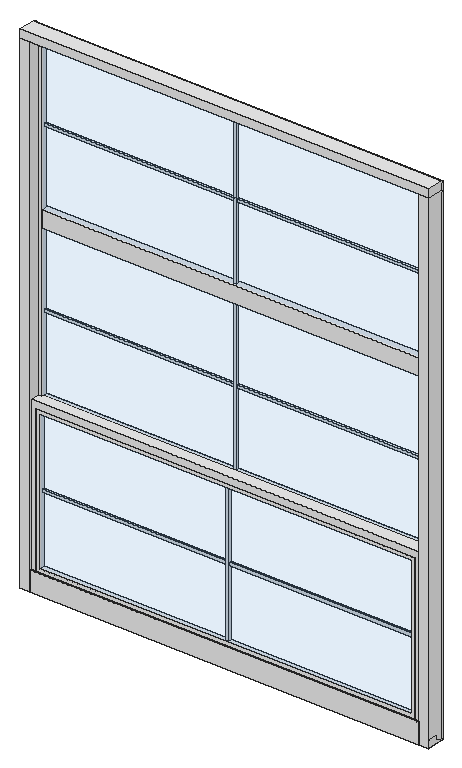
Revit family "Window_Curtain_Wall-Single_Hung-Traco-TR_9703-Heavy_Commercial", category Windows, Revit 2015
Parameters (values of type "TR-9703 - SH/Fixed-Top - w/Class 5 Balances")
  Window Width [instance] = if(CTRL Opening Width - Window Right Inset - Window Left Inset < Width Minimum, Width Minimum, if(CTRL Opening Width - Window Right Inset - Window Left Inset > Width Maximum, Width Maximum, CTRL Opening Width - Window Right Inset - Window Left Inset))  # 6' - 3 3/4"
  Window Top Inset [instance] = 0' - 0"
  Window Right Inset [instance] = 0' - 0"
  Window Muntin Type [instance] = Muntin-Grid-Traco-Lites : Interior
  Window Left Inset [instance] = 0' - 0"
  Window Height [instance] = if(CTRL Opening Height - Window Top Inset - Window Bottom Inset < Height Minimum, Height Minimum, if(CTRL Opening Height - Window Bottom Inset - Window Top Inset > Height Maximum, Height Maximum, CTRL Opening Height - Window Top Inset - Window Bottom Inset))  # 7' - 9"
  Window Bottom Inset [instance] = 0' - 0"
  Width Minimum = 2' - 0"
  Width Maximum = 10' - 0"
  Water Resistance = 15.0000 psf
  Uniform Load Structural = 75.0000 psf
  Uniform Load Deflection = 50.0000 psf
  URL = "http://www.alcoa.com/traco/en/home.asp"
  U Factor = ".50 Per NFRC 100"
  Type Comments = "Single Hung 3-Lite Class 5 Balances"
  Test Size = "60\" X 99\""
  Sill Width = 0' - 4 3/8"  # constant formula
  Show Sill and Head [instance] = yes
  Screen Width [instance] = Window Width - (0' 1 3/4" * 2)  # 6' - 0 1/4"
  Screen Material = Aluminum - Traco - Screen
  Screen Height [instance] = CTRL Sash Bottom Height - (Rail Width / 2) - 0' 0 1/4"  # 2' - 5 3/4"
  Sash Bottom Height [instance] = 1' - 6"
  Rail Width = 0' - 2"  # constant formula
  Product data url = "https://bimobject.com/kawneerna/product/97005"
  Product Page URL = "http://www.alcoa.com/traco/en/product.asp?cat_id=1905&prod_id=4193"
  Product Documentation Link = "http://www.alcoa.com/traco/cad/4193/010_CAD%20Files/010.pdf"
  Model = "TR-9703U"
  Manufacturer = "Traco"  # constant formula
  Keynote = "08500"
  Height Minimum = 2' - 0"
  Height Maximum = 10' - 0"
  Head Width = 0' - 1 1/2"  # constant formula
  Head Extension Right [instance] = 0' - 0"
  Head Extension Left [instance] = 0' - 0"
  Has Window Screen [instance] = no
  Has Unequal Sash [instance] = no
  Has Muntins = no
  Has Flange Frame [instance] = 1 = 0  # no
  Glazing Thickness = 0' - 0 3/4"
  Glazing Material = Glass - Traco - Clear
  Frame Material = Aluminum - Traco - Anodized - Gray
  Forced Entry Resistance = "TYPE A: GRADE 10"
  Designation = "AAMA/WDMA/CSA 101/I.S.2/A-440-05: H-AW40 And AAMA/WDMA/CSA 101/I.S.2/A-440-08: AW-PG40-H"
  Description = "Heavy Commercial, Single Hung, Side Load"  # constant formula
  Depth = 0' - 3 1/4"  # constant formula
  Copyright © = "2011 Traco"  # constant formula
  Condensation Resistance = 0.0000 psf
  CTRL Sash Bottom Height [instance] = if(Has Unequal Sash, Sash Bottom Height, Window Height / 3)  # 2' - 7"
  Interior Offset [instance] = 0' - 0"
  CTRL Opening Width [instance] = 6' - 3 3/4"
  CTRL Opening Height [instance] = 7' - 9"
  CTRL Head Right Extension [instance] = if(Has Flange Frame, 0' 0", Head Extension Right)  # 0' - 0"
  CTRL Head Left Extension [instance] = if(Has Flange Frame, 0' 0", Head Extension Left)  # 0' - 0"
  CTRL Flange Width [instance] = if(Has Flange Frame, 0' 2", 0' 0")  # 0' - 0"
  Exterior Offset [instance] = 0' - 0"
  Assembly Code = "B2020110"
  Allowable Air Infiltration Maximum = "0.3 @ 6.2 PSF"
Reference planes (in)
  plane 1 "Front": y = 0
  plane 2 "Original Ref. Plane": z = 0
  plane 3 "Center (Left/Right)": x = 0
  plane 4 "Left": x = -37.875
  plane 5 "Right": x = 37.875
  plane 6 "Top": z = 93
  plane 7 "Window Interior Offset": y = 0
  plane 8 "Window Center F/B": y = 0
  plane 9 "Exterior/Back": y = 1.625
  plane 10 "Interior/Front": y = -1.625
  plane 11 "Window Left": x = -37.875
  plane 12 "Window Right": x = 37.875
  plane 13 "Window Top": z = 93
  plane 14 "Flange Top": z = 93
  plane 15 "Head Bottom": z = 91.5
  plane 16 "Glass Pocket Bottom": z = 90.875
  plane 17 "Meeting Rail Center T/B": z = 31
  plane 18 "Meeting Rail Top": z = 32
  plane 19 "Meeting Rail Bottom": z = 30
  plane 20 "Top Astragal Center T/B": z = 61.4375
  plane 21 "Bottom Muntin Center T/B": z = 17.1875
  plane 22 "Bottom Sash Glass B": z = 4.375
  plane 23 "Sash Frame Bottom": z = 3.75
  plane 24 "Bottom Glass Interior": y = -1.111
  plane 25 "Bottom Glass Exterior": y = -0.361
  plane 26 "Top Glass Exterior": y = 1.348
  plane 27 "Top Glass Interior": y = 0.598
  plane 28 "Frame Left": x = -36.1148
  plane 29 "Frame Right": x = 36.1148
  plane 30 "Flange Bottom": z = 0
  plane 31 "Flange Right": x = 37.875
  plane 32 "Flange Left": x = -37.875
  plane 33 "Flange Thickness": y = 1.5625
  plane 34 "Sill Slope Bottom": z = 0.24
  plane 35 "Sill Slope Top": z = 0.6811
  plane 36 "Sill Top": z = 1.3611
  plane 37 "Bottom Sash Exterior": y = 0.155
  plane 38 "Frame Right Inset": x = 34.5
  plane 39 "Frame Left Inset": x = -34.5
  plane 40 "Bottom Glass Interior Offset": y = -1.361
  plane 41 "Bottom Glass Exterior Offset": y = -0.111
  plane 42 "Top Glass Exterior Offset": y = 1.598
  plane 43 "Top Glass Interior Offset": y = 0.348
  plane 44 "Bottom Glass T": z = 30.625
  plane 45 "Top Glass B": z = 31.375
  plane 46 "Top Frame Right Inset": x = 35.4898
  plane 47 "Top Frame Left Inset": x = -35.4898
  plane 48 "Bottom Frame Right Inset": x = 35.125
  plane 49 "Bottom Frame Left Inset": x = -35.125
  plane 50 "Top Glass Center F/B": y = 0.973
  plane 51 "Bottom Glass Center F/B": y = -0.736
  plane 52 "Sill/Head Left Extension": x = -37.875
  plane 53 "Sill/Head Right Extension": x = 37.875
  plane 54 "Interior/Front Inset": y = -1.5625
  plane 55 "Window Bottom": z = 0
  plane 56 "Middle Muntin Center T/B": z = 45.96875
  plane 57 "Top Muntin Center T/B": z = 76.90625
  plane 58 "Top Astragal Top": z = 62.9375
  plane 59 "Top Astragal Bottom": z = 59.9375
  plane 60 "Window Center (Left/Right)": x = 0
Forms (in)
  Sweep 1, solid, material "Aluminum - Traco - Anodized - Gray" <- "Frame Material"
    path origin (0, 0, 0.125) x (-1, 0, 0) y (0, 0, 1)
      loop
        line (0, -0.125) -> (0, 91.375)
    profile origin (0, 0, 45.75) x (1, 0, 0) y (0, 1, 0)
      loop
        line (-36.1148, -1.625) -> (-36.1148, 1.5625) -> (-37.875, 1.5625) -> (-37.875, -1.625) -> (-36.1148, -1.625)
      loop
        line (36.1148, -1.625) -> (37.875, -1.625) -> (37.875, 1.5625) -> (36.1148, 1.5625) -> (36.1148, -1.625)
  Sweep 2, solid, material "Aluminum - Traco - Anodized - Gray" <- "Frame Material"
    path origin (0, 0, 0) x (-1, 0, 0) y (0, 0, 1)
      loop
        line (-37.875, 0.24) -> (37.875, 0.24)
    profile origin (0, 0, 0.24) x (0, 0, 1) y (0, 1, 0)
      loop
        line (1.1211, -1.5625) -> (1.1211, 0.155) -> (0.4411, 0.155) -> (0.01875, 1.5625) -> (-0.24, 1.5625) -> (-0.24, -1.5625) -> (1.1211, -1.5625)
  Sweep 3, solid, material "Aluminum - Traco - Anodized - Gray" <- "Frame Material"
    path origin (-1.19115, 0, 71.94551) x (-1, 0, 0) y (0, 0, 1)
      loop
        line (-39.06615, 19.55449) -> (36.68385, 19.55449)
    profile origin (0, 0, 91.5) x (0, 0, 1) y (0, 1, 0)
      loop
        line (0, 1.5625) -> (0, -1.625) -> (1.5, -1.625) -> (1.5, 1.5625) -> (0, 1.5625)
  Sweep 4, solid, material "Aluminum - Traco - Anodized - Gray" <- "Frame Material"
    path origin (3.54143, 0, -0.40863) x (1, 0, 0) y (0, 0, 1)
      loop
        line (-3.54143, 0.64863) -> (-3.54143, 91.90863)
    profile origin (0, 0, 45.87) x (-1, 0, 0) y (0, -1, 0)
      loop
        line (36.1148, -1.5625) -> (36.1148, -1.625) -> (37.875, -1.625) -> (37.875, -1.5625) -> (36.1148, -1.5625)
      loop
        line (-36.1148, -1.5625) -> (-37.875, -1.5625) -> (-37.875, -1.625) -> (-36.1148, -1.625) -> (-36.1148, -1.5625)
  Sweep 5, solid, material "Aluminum - Traco - Anodized - Gray" <- "Frame Material", visible <- "Show Sill and Head"
    path origin (-0.2639, 0, -1.58341) x (-1, 0, 0) y (0, 0, 1)
      loop
        line (-38.1389, 1.58341) -> (37.6111, 1.58341)
    profile origin (0, 0, 0) x (0, 0, 1) y (0, 1, 0)
      loop
        line (0, 1.625) -> (0, 1.5625) -> (0.25875, 1.5625) -> (0.24, 1.625) -> (0, 1.625)
  Sweep 6, solid, material "Aluminum - Traco - Anodized - Gray" <- "Frame Material", visible <- "Show Sill and Head"
    path origin (-1.31088, 0, 70.30922) x (-1, 0, 0) y (0, 0, 1)
      loop
        line (-39.18588, 22.69078) -> (36.56412, 22.69078)
    profile origin (0, 0, 93) x (0, 0, 1) y (0, 1, 0)
      loop
        line (-1.5, 1.625) -> (-1.5, 1.5625) -> (0, 1.5625) -> (0, 1.625) -> (-1.5, 1.625)
  Sweep 7, solid, material "Aluminum - Traco - Anodized - Gray" <- "Frame Material"
    path origin (-0.05903, 0, 2.24309) x (-1, 0, 0) y (0, 0, 1)
      loop
        line (-36.17383, 1.50691) -> (36.05577, 1.50691)
    profile origin (0, 0, 3.75) x (0, 0, 1) y (0, 1, 0)
      loop
        line (-2.3889, 0.155) -> (-2.3889, -1.5625) -> (0, -1.5625) -> (0, 0.155) -> (-2.3889, 0.155)
  Sweep 8, solid, material "Aluminum - Traco - Anodized - Gray" <- "Frame Material", detail levels medium+fine
    path origin (0, -1.361, 0) x (-1, 0, 0) y (0, 0, 1)
      loop
        line (-34.5, 4.375) -> (34.5, 4.375) -> (34.5, 30) -> (-34.5, 30) -> (-34.5, 4.375)
    profile origin (0, -1.361, 4.375) x (0, 0, 1) y (0, 1, 0)
      loop
        line (-0.625, 0) -> (0, 0) -> (0, 1) -> (-0.4375, 1.25) -> (-0.625, 1.25) -> (-0.625, 0)
  Extrusion 9, solid, material "Glass - Traco - Clear" <- "Glazing Material"
    sketch origin (0, 0, 0) x (1, 0, 0) y (0, 0, 1)
      loop
        line (36.1148, 30.625) -> (-36.1148, 30.625) -> (-36.1148, 3.75) -> (36.1148, 3.75) -> (36.1148, 30.625)
    from 0.361 to 1.111
  Sweep 10, solid, material "Aluminum - Traco - Anodized - Gray" <- "Frame Material", detail levels medium+fine
    path origin (0, 1.598, 0) x (-1, 0, 0) y (0, 0, 1)
      loop
        line (-35.4898, 31.375) -> (-35.4898, 90.875) -> (35.4898, 90.875) -> (35.4898, 31.375)
    profile origin (0, 1.598, 90.875) x (0, 0, 1) y (0, 1, 0)
      loop
        line (0, -1.25) -> (0.625, -1.25) -> (0.625, 0) -> (0.4375, 0) -> (0, -0.25) -> (0, -1.25)
  Extrusion 11, solid, material "Glass - Traco - Clear" <- "Glazing Material"
    sketch origin (-3, 0, 39) x (1, 0, 0) y (0, 0, 1)
      loop
        line (39.1148, 52.5) -> (-33.1148, 52.5) -> (-33.1148, -7) -> (39.1148, -7) -> (39.1148, 52.5)
    from -1.348 to -0.598
  Sweep 12, solid, material "Aluminum - Traco - Anodized - Gray" <- "Frame Material"
    path origin (0, 0, 0) x (1, 0, 0) y (0, 0, 1)
      loop
        line (36.1148, 31) -> (-36.1148, 31)
    profile origin (0, 0, 31) x (0, 0, -1) y (0, -1, 0)
      loop
        line (-1, 1.361) -> (-1, -1.348) -> (-0.5625, -1.598) -> (1, -1.598) -> (1, 0.111) -> (0.375, 0.111) -> (0.375, 1.361) -> (-1, 1.361)
  Sweep 13, solid, material "Aluminum - Traco - Anodized - Gray" <- "Frame Material"
    path origin (0.15765, 0, -0.40863) x (1, 0, 0) y (0, 0, 1)
      loop
        line (-0.15765, 1.76973) -> (-0.15765, 31.03363)
    profile origin (0, 0, 15.99305) x (-1, 0, 0) y (0, -1, 0)
      loop
        line (35.125, 1.361) -> (35.125, -0.155) -> (36.1148, -0.155) -> (36.1148, 1.361) -> (35.125, 1.361)
      loop
        line (-35.125, 1.361) -> (-36.1148, 1.361) -> (-36.1148, -0.155) -> (-35.125, -0.155) -> (-35.125, 1.361)
  Sweep 14, solid, material "Aluminum - Traco - Anodized - Gray" <- "Frame Material"
    path origin (0, 0, -0.00501) x (-1, 0, 0) y (0, 0, 1)
      loop
        line (-36.1148, 3.75501) -> (36.1148, 3.75501)
    profile origin (0, 0, 3.75) x (0, 0, 1) y (0, 1, 0)
      loop
        line (0, -1.625) -> (0, -1.5625) -> (-3.75, -1.5625) -> (-3.75, -1.625) -> (0, -1.625)
  Sweep 15, solid, material "Aluminum - Traco - Anodized - Gray" <- "Frame Material"
    path origin (-14.71042, 0, 16.46689) x (1, 0, 0) y (0, 0, 1)
      loop
        line (50.20022, 44.97061) -> (-20.77938, 44.97061)
    profile origin (0, 0, 61.4375) x (0, 0, -1) y (0, -1, 0)
      loop
        line (-1.5, -0.348) -> (-1.5, -1.598) -> (1.5, -1.598) -> (1.5, -0.348) -> (-1.5, -0.348)
Cuts and joins
  joined: Sweep 7, Sweep 12, Sweep 13
  joined: Sweep 2, Sweep 14
Lines and regions (in)
  Masking region 1
    outline origin (0, 0, 0) x (-1, 0, 0) y (0, 0, 1)
      loop
        line (-37.875, 91.5) -> (-37.875, 0.24) -> (-36.1148, 0.24) -> (-36.1148, 91.5) -> (-37.875, 91.5)
      loop
        line (36.1148, 0.24) -> (37.875, 0.24) -> (37.875, 91.5) -> (36.1148, 91.5) -> (36.1148, 0.24)
  Masking region 2, visible <- "Show Sill and Head"
    outline origin (0, 0, 0) x (-1, 0, 0) y (0, 0, 1)
      loop
        line (-37.875, 93) -> (-37.875, 91.5) -> (37.875, 91.5) -> (37.875, 93) -> (-37.875, 93)
      loop
        line (37.875, 0) -> (37.875, 0.24) -> (-37.875, 0.24) -> (-37.875, 0) -> (37.875, 0)
  Masking region 3
    outline origin (0, 0, 0) x (-1, 0, 0) y (0, 0, 1)
      loop
        line (-36.1148, 32) -> (-36.1148, 30) -> (36.1148, 30) -> (36.1148, 32) -> (-36.1148, 32)
  Masking region 4
    outline origin (0, -1.361, 0) x (-1, 0, 0) y (0, 0, 1)
      loop
        line (-35.125, 3.75) -> (-35.125, 30.625) -> (-36.1148, 30.625) -> (-36.1148, 3.75) -> (-35.125, 3.75)
      loop
        line (35.125, 3.75) -> (36.1148, 3.75) -> (36.1148, 30.625) -> (35.125, 30.625) -> (35.125, 3.75)
  Masking region 5, detail levels medium+fine
    outline origin (0, -1.111, 0) x (-1, 0, 0) y (0, 0, 1)
      loop
        line (-35.125, 30.625) -> (-35.125, 3.75) -> (35.125, 3.75) -> (35.125, 30.625) -> (-35.125, 30.625)
      loop
        line (-34.5, 30) -> (-34.5, 4.375) -> (34.5, 4.375) -> (34.5, 30) -> (-34.5, 30)
  Masking region 6
    outline origin (0, -1.625, 0) x (-1, 0, 0) y (0, 0, 1)
      loop
        line (-36.1148, 3.75) -> (-36.1148, 0.24) -> (36.1148, 0.24) -> (36.1148, 3.75) -> (-36.1148, 3.75)
  Masking region 7, detail levels medium+fine
    outline origin (0, 1.348, 0) x (-1, 0, 0) y (0, 0, 1)
      loop
        line (-36.1148, 91.5) -> (-36.1148, 31.375) -> (36.1148, 31.375) -> (36.1148, 91.5) -> (-36.1148, 91.5)
      loop
        line (-35.4898, 90.875) -> (-35.4898, 32) -> (35.4898, 32) -> (35.4898, 90.875) -> (-35.4898, 90.875)
  Masking region 8
    outline origin (0, 0.598, 0) x (-1, 0, 0) y (0, 0, 1)
      loop
        line (36.1148, 31.375) -> (36.1148, 91.5) -> (-36.1148, 91.5) -> (-36.1148, 31.375) -> (36.1148, 31.375)
  Masking region 9
    outline origin (0, -0.361, 0) x (-1, 0, 0) y (0, 0, 1)
      loop
        line (35.125, 3.75) -> (35.125, 30.625) -> (-35.125, 30.625) -> (-35.125, 3.75) -> (35.125, 3.75)
  Masking region 10
    outline origin (0, 0, 0) x (0, 1, 0) y (0, 0, 1)
      loop
        line (1.625, 0) -> (1.625, 93) -> (-1.625, 93) -> (-1.625, 0) -> (1.625, 0)
  Masking region 11
    outline origin (0, 0, 31) x (1, 0, 0) y (0, 1, 0)
      loop
        line (37.875, -1.625) -> (37.875, 1.625) -> (-37.875, 1.625) -> (-37.875, -1.625) -> (37.875, -1.625)
  Split face 1
    outline origin (36.1148, 1.348, 32) x (-1, 0, 0) y (0, -1, 0)
      loop
        line (72.2296, 0.75) -> (0, 0.75)
      loop
        line (72.2296, 1) -> (0, 1)
  Masking region 12
    outline origin (1.7602, 0, 38.7185) x (-1, 0, 0) y (0, 0, 1)
      loop
        line (-33.7296, 24.219) -> (-33.7296, 21.219) -> (37.25, 21.219) -> (37.25, 24.219) -> (-33.7296, 24.219)
  symbolic lines, style "WindowsFrameMullionProjection", detail levels medium+fine
    curve 1: line (34.5, -0.361, 30) -> (34.5, -0.361, 4.375)
    curve 2: line (34.5, -0.361, 4.375) -> (-34.5, -0.361, 4.375)
    curve 3: line (-34.5, -0.361, 4.375) -> (-34.5, -0.361, 30)
  symbolic lines, style "WindowsSillHeadProjection"
    curve 4: line (0, -1.625, 93) -> (0, 1.625, 93)
    curve 5: line (0, -1.625, 91.5) -> (0, -1.625, 93)
    curve 6: line (0, 1.625, 91.5) -> (0, -1.625, 91.5)
    curve 7: line (0, 1.625, 93) -> (0, 1.625, 91.5)
    curve 8: line (0, -1.625, 3.75) -> (0, 0.155, 3.75)
    curve 9: line (0, 0.155, 3.75) -> (0, 0.155, 0.6811)
    curve 10: line (0, 0.155, 0.6811) -> (0, 1.625, 0.24)
    curve 11: line (0, 1.625, 0.24) -> (0, 1.625, 0)
    curve 12: line (0, 1.625, 0) -> (0, -1.625, 0)
    curve 13: line (0, -1.625, 0) -> (0, -1.625, 3.75)
  symbolic lines, style "WindowsGlassProjection", detail levels medium+fine
    curve 14: line (0, 0.598, 91.5) -> (0, 0.598, 62.9375)
    curve 15: line (0, 1.348, 91.5) -> (0, 1.348, 62.9375)
    curve 16: line (0, -1.111, 30.625) -> (0, -1.111, 3.75)
    curve 17: line (0, -0.361, 30.625) -> (0, -0.361, 3.75)
    curve 52: line (36.1148, 1.348, 31) -> (-36.1148, 1.348, 31)
    curve 53: line (-36.1148, 0.598, 31) -> (36.1148, 0.598, 31)
    curve 55: line (35.125, -0.361, 31) -> (-35.125, -0.361, 31)
    curve 56: line (-35.125, -1.111, 31) -> (35.125, -1.111, 31)
    curve 85: line (0, 0.598, 59.9375) -> (0, 0.598, 31.375)
    curve 87: line (0, 1.348, 59.9375) -> (0, 1.348, 31.375)
  symbolic lines, style "WindowsGlassProjection", detail levels coarse
    curve 18: line (0, 0.973, 91.5) -> (0, 0.973, 62.9375)
    curve 19: line (0, -0.736, 30.625) -> (0, -0.736, 3.75)
    curve 54: line (-36.1148, 0.973, 31) -> (36.1148, 0.973, 31)
    curve 57: line (-35.125, -0.736, 31) -> (35.125, -0.736, 31)
    curve 86: line (0, 0.973, 59.9375) -> (0, 0.973, 31.375)
  symbolic lines, style "WindowsFrameMullionProjection", detail levels fine
    curve 20: line (0, -1.361, 30.625) -> (0, -1.361, 30)
    curve 21: line (0, -1.361, 30) -> (0, -1.111, 30)
    curve 22: line (0, -0.361, 30) -> (0, -0.111, 30)
    curve 23: line (0, -0.111, 30) -> (0, -0.111, 30.625)
    curve 24: line (0, 0.348, 31.375) -> (0, 0.348, 32)
    curve 25: line (0, 0.348, 32) -> (0, 0.598, 32)
    curve 26: line (0, 1.348, 32) -> (0, 1.598, 32)
    curve 27: line (0, 1.598, 32) -> (0, 1.598, 31.375)
    curve 28: line (0, 0.348, 91.5) -> (0, 0.348, 90.875)
    curve 29: line (0, 0.348, 90.875) -> (0, 0.598, 90.875)
    curve 30: line (0, 1.348, 90.875) -> (0, 1.598, 90.875)
    curve 31: line (0, 1.598, 90.875) -> (0, 1.598, 91.5)
    curve 32: line (0, -1.361, 3.75) -> (0, -1.361, 4.375)
    curve 33: line (0, -1.361, 4.375) -> (0, -1.111, 4.375)
    curve 34: line (0, -0.361, 4.375) -> (0, -0.111, 4.375)
    curve 35: line (0, -0.111, 4.375) -> (0, -0.111, 3.75)
    curve 58: line (-36.1148, 1.598, 31) -> (-35.4898, 1.598, 31)
    curve 59: line (-35.4898, 1.598, 31) -> (-35.4898, 1.348, 31)
    curve 60: line (-36.1148, 0.348, 31) -> (-35.4898, 0.348, 31)
    curve 61: line (-35.4898, 0.348, 31) -> (-35.4898, 0.598, 31)
    curve 62: line (36.1148, 0.348, 31) -> (35.4898, 0.348, 31)
    curve 63: line (35.4898, 0.348, 31) -> (35.4898, 0.598, 31)
    curve 64: line (36.1148, 1.598, 31) -> (35.4898, 1.598, 31)
    curve 65: line (35.4898, 1.598, 31) -> (35.4898, 1.348, 31)
    curve 70: line (-35.125, -0.111, 31) -> (-34.5, -0.111, 31)
    curve 71: line (-34.5, -0.111, 31) -> (-34.5, -0.361, 31)
    curve 72: line (-35.125, -1.361, 31) -> (-34.5, -1.361, 31)
    curve 73: line (-34.5, -1.361, 31) -> (-34.5, -1.111, 31)
    curve 78: line (35.125, -0.111, 31) -> (34.5, -0.111, 31)
    curve 79: line (34.5, -0.111, 31) -> (34.5, -0.361, 31)
    curve 80: line (35.125, -1.361, 31) -> (34.5, -1.361, 31)
    curve 81: line (34.5, -1.361, 31) -> (34.5, -1.111, 31)
  symbolic lines, style "WindowsFrameMullionProjection"
    curve 36: line (0, -1.361, 32) -> (0, 0.348, 32)
    curve 37: line (0, 0.348, 32) -> (0, 0.348, 31.375)
    curve 38: line (0, 0.348, 31.375) -> (0, 1.598, 31.375)
    curve 39: line (0, 1.598, 31.375) -> (0, 1.598, 30)
    curve 40: line (0, 1.598, 30) -> (0, -0.111, 30)
    curve 41: line (0, -0.111, 30) -> (0, -0.111, 30.625)
    curve 42: line (0, -0.111, 30.625) -> (0, -1.361, 30.625)
    curve 43: line (0, -1.361, 30.625) -> (0, -1.361, 32)
    curve 44: line (-36.1148, -1.625, 31) -> (-37.875, -1.625, 31)
    curve 45: line (-36.1148, 1.625, 31) -> (-36.1148, -1.625, 31)
    curve 46: line (-37.875, 1.625, 31) -> (-36.1148, 1.625, 31)
    curve 47: line (-37.875, -1.625, 31) -> (-37.875, 1.625, 31)
    curve 48: line (37.875, -1.625, 31) -> (36.1148, -1.625, 31)
    curve 49: line (37.875, 1.625, 31) -> (37.875, -1.625, 31)
    curve 50: line (36.1148, 1.625, 31) -> (37.875, 1.625, 31)
    curve 51: line (36.1148, -1.625, 31) -> (36.1148, 1.625, 31)
    curve 66: line (-35.125, -1.361, 31) -> (-36.1148, -1.361, 31)
    curve 67: line (-35.125, 0, 31) -> (-35.125, -1.361, 31)
    curve 68: line (-36.1148, 0, 31) -> (-35.125, 0, 31)
    curve 69: line (-36.1148, -1.361, 31) -> (-36.1148, 0, 31)
    curve 74: line (35.125, -1.361, 31) -> (36.1148, -1.361, 31)
    curve 75: line (35.125, 0, 31) -> (35.125, -1.361, 31)
    curve 76: line (36.1148, 0, 31) -> (35.125, 0, 31)
    curve 77: line (36.1148, -1.361, 31) -> (36.1148, 0, 31)
    curve 88: line (0, 0.348, 62.9375) -> (0, 1.598, 62.9375)
    curve 89: line (0, 0.348, 59.9375) -> (0, 1.598, 59.9375)
    curve 90: line (0, 1.598, 62.9375) -> (0, 1.598, 59.9375)
    curve 91: line (0, 0.348, 62.9375) -> (0, 0.348, 59.9375)
  symbolic lines, style "Windows", detail levels fine
    curve 82: line (0, 0, 12.3125) -> (0, 0, 22.0625)
    curve 83: line (0, 0, 22.0625) -> (1, 0, 20.33045)
    curve 84: line (0, 0, 22.0625) -> (-1, 0, 20.33045)
Text (in)
  text "Exterior" at (-54.29358, 31.38743, 0), in view "Ref. Level"
  text "Exterior" at (480, 41.53993, 89.60405), in view "Right"
  text "Exterior" at (-240, 57.82419, 105.78864), in view "Left"
Dimensions and locks (in)
  equal spacing: plane 4 "Left", plane 3 "Center (Left/Right)", plane 5 "Right"
  "Interior Offset": plane 7 "Window Interior Offset" to plane 1 "Front"
  "Exterior Offset": plane 8 "Window Center F/B" to plane 7 "Window Interior Offset"
  equal spacing: plane 9 "Exterior/Back", plane 8 "Window Center F/B", plane 10 "Interior/Front"
  "Depth": plane 9 "Exterior/Back" to plane 10 "Interior/Front"
  "Head Width": plane 15 "Head Bottom" to plane 13 "Window Top"
  locked: plane 16 "Glass Pocket Bottom" to plane 15 "Head Bottom" at 0.625
  equal spacing: plane 19 "Meeting Rail Bottom", plane 17 "Meeting Rail Center T/B", plane 18 "Meeting Rail Top"
  equal spacing: plane 18 "Meeting Rail Top", plane 20 "Top Astragal Center T/B", plane 16 "Glass Pocket Bottom"
  "Glazing Thickness": plane 24 "Bottom Glass Interior" to plane 25 "Bottom Glass Exterior"
  "Glazing Thickness": plane 27 "Top Glass Interior" to plane 26 "Top Glass Exterior"
  "Rail Width": plane 19 "Meeting Rail Bottom" to plane 18 "Meeting Rail Top"
  locked: plane 29 "Frame Right" to plane 12 "Window Right" at 1.7602
  locked: plane 11 "Window Left" to plane 28 "Frame Left" at 1.7602
  "CTRL Flange Width": plane 12 "Window Right" to plane 31 "Flange Right"
  "CTRL Flange Width": plane 32 "Flange Left" to plane 11 "Window Left"
  "CTRL Flange Width": plane 30 "Flange Bottom" to plane 55 "Window Bottom"
  locked: plane 9 "Exterior/Back" to plane 33 "Flange Thickness" at 0.0625
  locked: plane 55 "Window Bottom" to plane 34 "Sill Slope Bottom" at 0.24
  locked: plane 34 "Sill Slope Bottom" to plane 35 "Sill Slope Top" at 0.4411
  locked: plane 35 "Sill Slope Top" to plane 36 "Sill Top" at 0.68
  "Sill Width": plane 55 "Window Bottom" to plane 22 "Bottom Sash Glass B"
  locked: plane 38 "Frame Right Inset" to plane 12 "Window Right" at 3.375
  locked: plane 11 "Window Left" to plane 39 "Frame Left Inset" at 3.375
  locked: plane 23 "Sash Frame Bottom" to plane 22 "Bottom Sash Glass B" at 0.625
  locked: plane 44 "Bottom Glass T" to plane 19 "Meeting Rail Bottom" at 0.625
  locked: plane 18 "Meeting Rail Top" to plane 45 "Top Glass B" at 0.625
  locked: plane 46 "Top Frame Right Inset" to plane 29 "Frame Right" at 0.625
  locked: plane 28 "Frame Left" to plane 47 "Top Frame Left Inset" at 0.625
  "CTRL Sash Bottom Height": plane 55 "Window Bottom" to plane 17 "Meeting Rail Center T/B"
  equal spacing: plane 22 "Bottom Sash Glass B", plane 21 "Bottom Muntin Center T/B", plane 19 "Meeting Rail Bottom"
  locked: plane 38 "Frame Right Inset" to plane 48 "Bottom Frame Right Inset" at 0.625
  locked: plane 49 "Bottom Frame Left Inset" to plane 39 "Frame Left Inset" at 0.625
  locked: plane 10 "Interior/Front" to plane 51 "Bottom Glass Center F/B" at 0.889
  locked: plane 50 "Top Glass Center F/B" to plane 9 "Exterior/Back" at 0.652
  equal spacing: plane 27 "Top Glass Interior", plane 50 "Top Glass Center F/B", plane 26 "Top Glass Exterior"
  equal spacing: plane 24 "Bottom Glass Interior", plane 51 "Bottom Glass Center F/B", plane 25 "Bottom Glass Exterior"
  plane 40 "Bottom Glass Interior Offset" to plane 51 "Bottom Glass Center F/B" to plane 41 "Bottom Glass Exterior Offset" = 0' - 0 5/8" locked, 0' - 0 5/8" locked
  plane 43 "Top Glass Interior Offset" to plane 50 "Top Glass Center F/B" to plane 42 "Top Glass Exterior Offset" = 0' - 0 5/8" locked, 0' - 0 5/8" locked
  locked: plane 10 "Interior/Front" to plane 37 "Bottom Sash Exterior" at 1.78
  "CTRL Head Right Extension": plane 31 "Flange Right" to plane 53 "Sill/Head Right Extension"
  "CTRL Head Left Extension": plane 52 "Sill/Head Left Extension" to plane 32 "Flange Left"
  locked: plane 10 "Interior/Front" to plane 54 "Interior/Front Inset" at 0.0625
  "Window Right Inset": plane 12 "Window Right" to plane 5 "Right"
  "Window Bottom Inset": plane 2 "Original Ref. Plane" to plane 55 "Window Bottom"
  "CTRL Flange Width": plane 13 "Window Top" to plane 14 "Flange Top"
  "CTRL Opening Height": plane 2 "Original Ref. Plane" to plane 6 "Top"
  "CTRL Opening Width": plane 4 "Left" to plane 5 "Right"
  equal spacing: plane 58 "Top Astragal Top", plane 57 "Top Muntin Center T/B", plane 16 "Glass Pocket Bottom"
  equal spacing: plane 18 "Meeting Rail Top", plane 56 "Middle Muntin Center T/B", plane 59 "Top Astragal Bottom"
  plane 59 "Top Astragal Bottom" to plane 20 "Top Astragal Center T/B" to plane 58 "Top Astragal Top" = 0' - 1 1/2" locked, 0' - 1 1/2" locked
  "Window Height": plane 55 "Window Bottom" to plane 13 "Window Top"
  "Window Width": plane 11 "Window Left" to plane 12 "Window Right"
  equal spacing: plane 11 "Window Left", plane 60 "Window Center (Left/Right)", plane 12 "Window Right"
  curve 82 to plane 21 "Bottom Muntin Center T/B" to curve 82 = 0' - 4 7/8" locked, 0' - 4 7/8" locked
  locked: Sweep 12 sketch curve to plane 45 "Top Glass B" at 0.1875
  aligned and locked: level to plane 2 "Original Ref. Plane"
  aligned and locked: Sweep 1 sketch curve to plane 3 "Center (Left/Right)"
  aligned: plane 15 "Head Bottom" to Sweep 1 sketch curve
  aligned and locked: plane 33 "Flange Thickness" to Sweep 1 sketch curve
  aligned and locked: plane 11 "Window Left" to Sweep 1 sketch curve
  aligned and locked: Sweep 1 sketch curve to plane 28 "Frame Left"
  aligned and locked: Sweep 1 sketch curve to plane 10 "Interior/Front"
  aligned and locked: plane 12 "Window Right" to Sweep 1 sketch curve
  aligned and locked: Sweep 1 sketch curve to plane 29 "Frame Right"
  aligned and locked: plane 10 "Interior/Front" to Sweep 1 sketch curve
  aligned and locked: Sweep 1 sketch curve to plane 33 "Flange Thickness"
  aligned and locked: Sweep 2 sketch curve to plane 34 "Sill Slope Bottom"
  aligned and locked: plane 11 "Window Left" to Sweep 2 sketch curve
  aligned and locked: plane 12 "Window Right" to Sweep 2 sketch curve
  aligned and locked: plane 37 "Bottom Sash Exterior" to Sweep 2 sketch curve
  aligned and locked: plane 36 "Sill Top" to Sweep 2 sketch curve
  aligned and locked: Sweep 2 sketch curve to plane 35 "Sill Slope Top"
  aligned and locked: plane 11 "Window Left" to Sweep 3 sketch curve
  aligned and locked: plane 12 "Window Right" to Sweep 3 sketch curve
  aligned and locked: Sweep 3 sketch curve to plane 15 "Head Bottom"
  aligned and locked: plane 10 "Interior/Front" to Sweep 3 sketch curve
  aligned and locked: plane 15 "Head Bottom" to Sweep 3 sketch curve
  aligned and locked: Sweep 3 sketch curve to plane 33 "Flange Thickness"
  aligned and locked: Sweep 4 sketch curve to plane 3 "Center (Left/Right)"
  aligned and locked: plane 34 "Sill Slope Bottom" to Sweep 4 sketch curve
  aligned and locked: plane 9 "Exterior/Back" to Sweep 4 sketch curve
  aligned and locked: plane 29 "Frame Right" to Sweep 4 sketch curve
  aligned and locked: Sweep 4 sketch curve to plane 33 "Flange Thickness"
  aligned and locked: Sweep 4 sketch curve to plane 9 "Exterior/Back"
  aligned and locked: plane 33 "Flange Thickness" to Sweep 4 sketch curve
  aligned and locked: plane 28 "Frame Left" to Sweep 4 sketch curve
  aligned and locked: plane 15 "Head Bottom" to Sweep 4 sketch curve
  aligned and locked: Sweep 4 sketch curve to plane 32 "Flange Left"
  aligned and locked: Sweep 4 sketch curve to plane 31 "Flange Right"
  aligned and locked: Sweep 2 sketch curve to plane 33 "Flange Thickness"
  aligned and locked: Sweep 5 sketch curve to plane 30 "Flange Bottom"
  aligned and locked: Sweep 5 sketch curve to Sweep 2
  aligned and locked: plane 34 "Sill Slope Bottom" to Sweep 5 sketch curve
  aligned and locked: plane 33 "Flange Thickness" to Sweep 5 sketch curve  (x2)
  aligned and locked: Sweep 5 sketch curve to plane 9 "Exterior/Back"
  aligned and locked: plane 30 "Flange Bottom" to Sweep 5 sketch curve
  aligned and locked: Sweep 6 sketch curve to plane 14 "Flange Top"  (x2)
  aligned and locked: Sweep 6 sketch curve to plane 9 "Exterior/Back"
  aligned and locked: plane 15 "Head Bottom" to Sweep 6 sketch curve
  aligned and locked: plane 33 "Flange Thickness" to Sweep 6 sketch curve
  aligned and locked: Sweep 7 sketch curve to plane 23 "Sash Frame Bottom"  (x2)
  aligned and locked: Sweep 7 sketch curve to plane 37 "Bottom Sash Exterior"
  aligned and locked: plane 36 "Sill Top" to Sweep 7 sketch curve
  aligned and locked: Sweep 8 sketch curve to plane 41 "Bottom Glass Exterior Offset"
  aligned and locked: plane 23 "Sash Frame Bottom" to Sweep 8 sketch curve
  aligned and locked: plane 40 "Bottom Glass Interior Offset" to Sweep 8 sketch curve
  aligned and locked: plane 23 "Sash Frame Bottom" to Extrusion 9 sketch curve
  aligned and locked: Extrusion 9 sketch curve to plane 28 "Frame Left"
  aligned and locked: plane 29 "Frame Right" to Extrusion 9 sketch curve
  aligned and locked: Extrusion 9 to plane 24 "Bottom Glass Interior"
  aligned and locked: plane 25 "Bottom Glass Exterior" to Extrusion 9
  aligned and locked: Sweep 8 sketch curve to plane 22 "Bottom Sash Glass B"
  aligned and locked: Sweep 8 sketch curve to plane 38 "Frame Right Inset"
  aligned and locked: plane 39 "Frame Left Inset" to Sweep 8 sketch curve
  aligned and locked: plane 19 "Meeting Rail Bottom" to Sweep 8 sketch curve
  aligned and locked: Sweep 8 to Extrusion 9
  aligned and locked: Sweep 10 sketch curve to plane 16 "Glass Pocket Bottom"  (x2)
  aligned and locked: plane 15 "Head Bottom" to Sweep 10 sketch curve
  aligned and locked: profile plane to Sweep 10 sketch curve
  aligned and locked: Sweep 10 sketch curve to plane 43 "Top Glass Interior Offset"
  aligned and locked: Extrusion 11 sketch curve to plane 15 "Head Bottom"
  aligned and locked: Extrusion 11 sketch curve to plane 28 "Frame Left"
  aligned and locked: plane 29 "Frame Right" to Extrusion 11 sketch curve
  aligned and locked: plane 26 "Top Glass Exterior" to Extrusion 11
  aligned and locked: Extrusion 11 to plane 27 "Top Glass Interior"
  aligned and locked: plane 28 "Frame Left" to Sweep 12 sketch curve
  aligned and locked: plane 29 "Frame Right" to Sweep 12 sketch curve
  aligned and locked: Sweep 12 sketch curve to plane 17 "Meeting Rail Center T/B"
  aligned and locked: plane 40 "Bottom Glass Interior Offset" to Sweep 12 sketch curve
  aligned and locked: Sweep 12 sketch curve to plane 18 "Meeting Rail Top"
  aligned and locked: Sweep 12 sketch curve to plane 42 "Top Glass Exterior Offset"
  aligned and locked: plane 19 "Meeting Rail Bottom" to Sweep 12 sketch curve
  aligned and locked: plane 41 "Bottom Glass Exterior Offset" to Sweep 12 sketch curve
  aligned and locked: plane 44 "Bottom Glass T" to Sweep 12 sketch curve
  aligned and locked: plane 46 "Top Frame Right Inset" to Sweep 10 sketch curve
  aligned and locked: Sweep 10 sketch curve to plane 47 "Top Frame Left Inset"
  aligned and locked: plane 36 "Sill Top" to Sweep 13 sketch curve
  aligned and locked: Sweep 13 sketch curve to plane 3 "Center (Left/Right)"
  aligned and locked: plane 40 "Bottom Glass Interior Offset" to Sweep 13 sketch curve
  aligned and locked: Sweep 13 sketch curve to Sweep 8  (x2)
  aligned and locked: Sweep 13 sketch curve to plane 28 "Frame Left"
  aligned and locked: Sweep 13 sketch curve to plane 40 "Bottom Glass Interior Offset"
  aligned and locked: Sweep 13 sketch curve to plane 29 "Frame Right"
  aligned and locked: plane 44 "Bottom Glass T" to Sweep 13 sketch curve
  aligned and locked: plane 15 "Head Bottom" to Masking region 1 sketch curve
  aligned and locked: plane 32 "Flange Left" to Masking region 1 sketch curve
  aligned and locked: Masking region 1 sketch curve to plane 28 "Frame Left"
  aligned and locked: Masking region 1 sketch curve to plane 34 "Sill Slope Bottom"
  aligned and locked: plane 34 "Sill Slope Bottom" to Masking region 1 sketch curve
  aligned and locked: Masking region 1 sketch curve to plane 29 "Frame Right"
  aligned and locked: plane 31 "Flange Right" to Masking region 1 sketch curve
  aligned and locked: Masking region 1 sketch curve to plane 15 "Head Bottom"
  aligned and locked: Masking region 2 sketch curve to plane 14 "Flange Top"
  aligned and locked: plane 15 "Head Bottom" to Masking region 2 sketch curve
  aligned and locked: Masking region 2 sketch curve to plane 34 "Sill Slope Bottom"
  aligned and locked: plane 30 "Flange Bottom" to Masking region 2 sketch curve
  aligned and locked: Masking region 3 sketch curve to plane 18 "Meeting Rail Top"
  aligned and locked: Masking region 3 sketch curve to plane 28 "Frame Left"
  aligned and locked: plane 29 "Frame Right" to Masking region 3 sketch curve
  aligned and locked: plane 19 "Meeting Rail Bottom" to Masking region 3 sketch curve
  aligned and locked: Masking region 4 sketch curve to plane 44 "Bottom Glass T"
  aligned and locked: plane 29 "Frame Right" to Masking region 4 sketch curve
  aligned and locked: Masking region 4 sketch curve to plane 48 "Bottom Frame Right Inset"
  aligned and locked: plane 44 "Bottom Glass T" to Masking region 4 sketch curve
  aligned and locked: Masking region 4 sketch curve to plane 49 "Bottom Frame Left Inset"
  aligned and locked: plane 28 "Frame Left" to Masking region 4 sketch curve
  aligned and locked: plane 23 "Sash Frame Bottom" to Masking region 5 sketch curve
  aligned and locked: Masking region 5 sketch curve to plane 49 "Bottom Frame Left Inset"
  aligned and locked: plane 48 "Bottom Frame Right Inset" to Masking region 5 sketch curve
  aligned and locked: Masking region 5 sketch curve to plane 44 "Bottom Glass T"
  aligned and locked: plane 22 "Bottom Sash Glass B" to Masking region 5 sketch curve
  aligned and locked: Masking region 5 sketch curve to plane 39 "Frame Left Inset"
  aligned and locked: plane 38 "Frame Right Inset" to Masking region 5 sketch curve
  aligned and locked: Masking region 5 sketch curve to plane 19 "Meeting Rail Bottom"
  aligned and locked: plane 29 "Frame Right" to Sweep 7 sketch curve
  aligned and locked: plane 28 "Frame Left" to Sweep 7 sketch curve
  aligned and locked: plane 34 "Sill Slope Bottom" to Masking region 6 sketch curve
  aligned and locked: Masking region 6 sketch curve to plane 23 "Sash Frame Bottom"
  aligned and locked: plane 29 "Frame Right" to Masking region 6 sketch curve
  aligned and locked: Masking region 7 sketch curve to plane 15 "Head Bottom"
  aligned and locked: plane 29 "Frame Right" to Masking region 7 sketch curve
  aligned and locked: plane 46 "Top Frame Right Inset" to Masking region 7 sketch curve
  aligned and locked: Masking region 7 sketch curve to plane 16 "Glass Pocket Bottom"
  aligned and locked: Masking region 7 sketch curve to plane 28 "Frame Left"
  aligned and locked: Masking region 7 sketch curve to plane 47 "Top Frame Left Inset"
  aligned and locked: plane 45 "Top Glass B" to Masking region 7 sketch curve
  aligned and locked: plane 18 "Meeting Rail Top" to Masking region 7 sketch curve
  aligned and locked: Masking region 6 sketch curve to plane 28 "Frame Left"
  aligned and locked: plane 23 "Sash Frame Bottom" to Masking region 4 sketch curve
  aligned and locked: Masking region 4 sketch curve to plane 23 "Sash Frame Bottom"
  aligned and locked: Masking region 8 sketch curve to plane 15 "Head Bottom"
  aligned and locked: plane 29 "Frame Right" to Masking region 8 sketch curve
  aligned and locked: plane 45 "Top Glass B" to Masking region 8 sketch curve
  aligned and locked: Masking region 8 sketch curve to plane 28 "Frame Left"
  aligned and locked: Masking region 9 sketch curve to plane 44 "Bottom Glass T"
  aligned and locked: plane 48 "Bottom Frame Right Inset" to Masking region 9 sketch curve
  aligned and locked: Masking region 9 sketch curve to plane 49 "Bottom Frame Left Inset"
  aligned and locked: plane 23 "Sash Frame Bottom" to Masking region 9 sketch curve
  aligned and locked: plane 19 "Meeting Rail Bottom" to curve 1
  aligned and locked: plane 19 "Meeting Rail Bottom" to curve 3
  aligned and locked: curve 2 to plane 22 "Bottom Sash Glass B"
  aligned and locked: plane 39 "Frame Left Inset" to curve 3
  aligned and locked: curve 1 to plane 38 "Frame Right Inset"
  aligned and locked: Masking region 10 sketch curve to plane 13 "Window Top"
  aligned and locked: Masking region 10 sketch curve to plane 9 "Exterior/Back"
  aligned and locked: plane 10 "Interior/Front" to Masking region 10 sketch curve
  aligned and locked: curve 11 to plane 9 "Exterior/Back"
  aligned and locked: plane 34 "Sill Slope Bottom" to curve 11
  aligned and locked: plane 35 "Sill Slope Top" to curve 10
  aligned and locked: curve 9 to plane 37 "Bottom Sash Exterior"
  aligned and locked: plane 10 "Interior/Front" to curve 13
  aligned and locked: curve 8 to plane 23 "Sash Frame Bottom"
  aligned and locked: curve 7 to plane 9 "Exterior/Back"
  aligned and locked: plane 10 "Interior/Front" to curve 5
  aligned and locked: plane 14 "Flange Top" to curve 7
  aligned and locked: curve 16 to plane 24 "Bottom Glass Interior"
  aligned and locked: curve 17 to plane 25 "Bottom Glass Exterior"
  aligned and locked: plane 44 "Bottom Glass T" to curve 17
  aligned and locked: plane 45 "Top Glass B" to curve 85
  aligned and locked: plane 15 "Head Bottom" to curve 15
  aligned and locked: curve 18 to plane 50 "Top Glass Center F/B"
  aligned and locked: curve 19 to plane 51 "Bottom Glass Center F/B"
  aligned and locked: plane 44 "Bottom Glass T" to curve 23
  aligned and locked: plane 24 "Bottom Glass Interior" to curve 21
  aligned and locked: curve 21 to plane 19 "Meeting Rail Bottom"
  aligned and locked: curve 22 to plane 19 "Meeting Rail Bottom"
  aligned and locked: curve 27 to plane 42 "Top Glass Exterior Offset"
  aligned and locked: plane 27 "Top Glass Interior" to curve 25
  aligned and locked: plane 26 "Top Glass Exterior" to curve 26
  aligned and locked: curve 26 to plane 18 "Meeting Rail Top"
  aligned and locked: plane 43 "Top Glass Interior Offset" to curve 24
  aligned and locked: curve 25 to plane 18 "Meeting Rail Top"
  aligned and locked: plane 15 "Head Bottom" to curve 31
  aligned and locked: plane 42 "Top Glass Exterior Offset" to curve 31
  aligned and locked: plane 26 "Top Glass Exterior" to curve 30
  aligned and locked: curve 30 to plane 16 "Glass Pocket Bottom"
  aligned and locked: plane 27 "Top Glass Interior" to curve 29
  aligned and locked: curve 28 to plane 43 "Top Glass Interior Offset"
  aligned and locked: curve 29 to plane 16 "Glass Pocket Bottom"
  aligned and locked: plane 23 "Sash Frame Bottom" to curve 32
  aligned and locked: curve 35 to plane 41 "Bottom Glass Exterior Offset"
  aligned and locked: plane 25 "Bottom Glass Exterior" to curve 34
  aligned and locked: curve 34 to plane 22 "Bottom Sash Glass B"
  aligned and locked: plane 40 "Bottom Glass Interior Offset" to curve 32
  aligned and locked: curve 33 to plane 22 "Bottom Sash Glass B"
  aligned and locked: curve 36 to plane 18 "Meeting Rail Top"
  aligned and locked: plane 40 "Bottom Glass Interior Offset" to curve 43
  aligned and locked: plane 41 "Bottom Glass Exterior Offset" to curve 41
  aligned and locked: plane 19 "Meeting Rail Bottom" to curve 40
  aligned and locked: curve 39 to plane 42 "Top Glass Exterior Offset"
  aligned and locked: curve 38 to plane 45 "Top Glass B"
  aligned and locked: curve 37 to plane 43 "Top Glass Interior Offset"
  aligned and locked: Masking region 11 sketch curve to plane 11 "Window Left"
  aligned and locked: plane 10 "Interior/Front" to Masking region 11 sketch curve
  aligned and locked: Masking region 11 sketch curve to plane 9 "Exterior/Back"
  aligned and locked: plane 12 "Window Right" to Masking region 11 sketch curve
  aligned and locked: plane 10 "Interior/Front" to curve 44
  aligned and locked: plane 28 "Frame Left" to curve 45
  aligned and locked: plane 32 "Flange Left" to curve 46
  aligned and locked: curve 46 to plane 9 "Exterior/Back"
  aligned and locked: curve 51 to plane 29 "Frame Right"
  aligned and locked: plane 10 "Interior/Front" to curve 48
  aligned and locked: plane 31 "Flange Right" to curve 50
  aligned and locked: curve 50 to plane 9 "Exterior/Back"
  aligned and locked: curve 54 to plane 50 "Top Glass Center F/B"
  aligned and locked: curve 56 to plane 24 "Bottom Glass Interior"
  aligned and locked: curve 57 to plane 51 "Bottom Glass Center F/B"
  aligned and locked: plane 25 "Bottom Glass Exterior" to curve 55
  aligned and locked: plane 26 "Top Glass Exterior" to curve 59
  aligned and locked: curve 58 to plane 42 "Top Glass Exterior Offset"
  aligned and locked: plane 28 "Frame Left" to curve 58
  aligned and locked: plane 47 "Top Frame Left Inset" to curve 59
  aligned and locked: plane 27 "Top Glass Interior" to curve 61
  aligned and locked: curve 60 to plane 43 "Top Glass Interior Offset"
  aligned and locked: curve 61 to plane 47 "Top Frame Left Inset"
  aligned and locked: plane 29 "Frame Right" to curve 64
  aligned and locked: plane 43 "Top Glass Interior Offset" to curve 62
  aligned and locked: plane 26 "Top Glass Exterior" to curve 65
  aligned and locked: plane 42 "Top Glass Exterior Offset" to curve 64
  aligned and locked: plane 46 "Top Frame Right Inset" to curve 65
  aligned and locked: plane 27 "Top Glass Interior" to curve 63
  aligned and locked: curve 63 to plane 46 "Top Frame Right Inset"
  aligned and locked: curve 68 to plane 8 "Window Center F/B"
  aligned and locked: curve 69 to plane 28 "Frame Left"
  aligned and locked: plane 49 "Bottom Frame Left Inset" to curve 67
  aligned and locked: plane 49 "Bottom Frame Left Inset" to curve 72
  aligned and locked: plane 24 "Bottom Glass Interior" to curve 73
  aligned and locked: plane 25 "Bottom Glass Exterior" to curve 71
  aligned and locked: curve 70 to plane 41 "Bottom Glass Exterior Offset"
  aligned and locked: curve 72 to plane 40 "Bottom Glass Interior Offset"
  aligned and locked: curve 73 to plane 39 "Frame Left Inset"
  aligned and locked: plane 39 "Frame Left Inset" to curve 71
  aligned and locked: plane 48 "Bottom Frame Right Inset" to curve 75
  aligned and locked: curve 77 to plane 29 "Frame Right"
  aligned and locked: curve 74 to plane 40 "Bottom Glass Interior Offset"
  aligned and locked: plane 38 "Frame Right Inset" to curve 79
  aligned and locked: plane 41 "Bottom Glass Exterior Offset" to curve 78
  aligned and locked: curve 81 to plane 38 "Frame Right Inset"
  aligned and locked: Masking region 2 sketch curve to plane 52 "Sill/Head Left Extension"  (x2)
  aligned and locked: plane 53 "Sill/Head Right Extension" to Masking region 2 sketch curve  (x2)
  aligned and locked: plane 53 "Sill/Head Right Extension" to Sweep 6 sketch curve
  aligned and locked: plane 52 "Sill/Head Left Extension" to Sweep 6 sketch curve
  aligned and locked: plane 53 "Sill/Head Right Extension" to Sweep 5 sketch curve
  aligned and locked: plane 52 "Sill/Head Left Extension" to Sweep 5 sketch curve
  aligned: plane 2 "Original Ref. Plane" to Sweep 1 sketch curve
  aligned and locked: plane 54 "Interior/Front Inset" to Sweep 2 sketch curve
  aligned and locked: Sweep 7 sketch curve to plane 54 "Interior/Front Inset"
  aligned and locked: plane 29 "Frame Right" to Sweep 14 sketch curve
  aligned and locked: plane 28 "Frame Left" to Sweep 14 sketch curve
  aligned and locked: Sweep 14 sketch curve to plane 23 "Sash Frame Bottom"  (x2)
  aligned and locked: Sweep 14 sketch curve to plane 54 "Interior/Front Inset"
  aligned and locked: plane 10 "Interior/Front" to Sweep 14 sketch curve
  aligned and locked: plane 37 "Bottom Sash Exterior" to Sweep 13 sketch curve
  aligned and locked: Sweep 13 sketch curve to plane 37 "Bottom Sash Exterior"
  aligned and locked: Extrusion 11 sketch curve to plane 18 "Meeting Rail Top"
  aligned and locked: plane 8 "Window Center F/B" to curve 76
  aligned: nested 1 to plane 34 "Sill Slope Bottom"
  aligned: nested 1 to plane 29 "Frame Right"
  aligned and locked: Split face 1 sketch curve to Extrusion 11
  aligned and locked: Split face 1 sketch curve to Sweep 10
  aligned and locked: cut or joined group of Sweep 7, Sweep 12, Sweep 13 to Split face 1 sketch curve  (x4)
  aligned and locked: plane 55 "Window Bottom" to Sweep 1
  aligned and locked: plane 55 "Window Bottom" to curve 12
  aligned and locked: plane 55 "Window Bottom" to Sweep 2 sketch curve
  aligned and locked: plane 55 "Window Bottom" to Masking region 10 sketch curve
  aligned and locked: plane 55 "Window Bottom" to Sweep 14 sketch curve
  aligned and locked: Sweep 3 sketch curve to plane 13 "Window Top"
  aligned and locked: plane 15 "Head Bottom" to Sweep 1 sketch curve
  aligned and locked: plane 28 "Frame Left" to nested 1
  aligned and locked: plane 19 "Meeting Rail Bottom" to nested 1
  aligned and locked: plane 46 "Top Frame Right Inset" to Sweep 15 sketch curve
  aligned and locked: plane 47 "Top Frame Left Inset" to Sweep 15 sketch curve
  aligned and locked: Sweep 15 sketch curve to plane 20 "Top Astragal Center T/B"
  aligned and locked: Sweep 15 sketch curve to plane 59 "Top Astragal Bottom"
  aligned and locked: Sweep 15 sketch curve to plane 58 "Top Astragal Top"
  aligned and locked: plane 43 "Top Glass Interior Offset" to Sweep 15 sketch curve
  aligned and locked: Sweep 15 sketch curve to plane 42 "Top Glass Exterior Offset"
  aligned and locked: plane 47 "Top Frame Left Inset" to nested 4
  aligned and locked: nested 4 to plane 46 "Top Frame Right Inset"
  aligned and locked: plane 16 "Glass Pocket Bottom" to nested 4
  aligned and locked: nested 4 to plane 58 "Top Astragal Top"
  aligned and locked: nested 3 to plane 59 "Top Astragal Bottom"
  aligned and locked: plane 47 "Top Frame Left Inset" to nested 3
  aligned and locked: nested 3 to plane 46 "Top Frame Right Inset"
  aligned and locked: nested 3 to plane 18 "Meeting Rail Top"
  aligned and locked: plane 19 "Meeting Rail Bottom" to nested 2
  aligned and locked: nested 2 to plane 22 "Bottom Sash Glass B"
  aligned and locked: plane 39 "Frame Left Inset" to nested 2
  aligned and locked: nested 2 to plane 38 "Frame Right Inset"
  aligned and locked: plane 60 "Window Center (Left/Right)" to curve 82
  aligned and locked: plane 60 "Window Center (Left/Right)" to curve 84
  aligned and locked: Masking region 12 sketch curve to plane 47 "Top Frame Left Inset"
  aligned and locked: plane 46 "Top Frame Right Inset" to Masking region 12 sketch curve
  aligned and locked: Masking region 12 sketch curve to plane 59 "Top Astragal Bottom"
  aligned and locked: Masking region 12 sketch curve to plane 58 "Top Astragal Top"
  aligned and locked: plane 10 "Interior/Front" to curve 4
  aligned and locked: curve 4 to plane 13 "Window Top"
  aligned and locked: plane 59 "Top Astragal Bottom" to curve 85
  aligned and locked: plane 58 "Top Astragal Top" to curve 15
  aligned and locked: plane 58 "Top Astragal Top" to curve 18
  aligned and locked: curve 91 to plane 43 "Top Glass Interior Offset"
  aligned and locked: curve 90 to plane 42 "Top Glass Exterior Offset"
  aligned and locked: plane 59 "Top Astragal Bottom" to curve 89
  aligned and locked: plane 16 "Glass Pocket Bottom" to Sweep 10 sketch curve
  aligned and locked: plane 26 "Top Glass Exterior" to Sweep 10 sketch curve
  aligned and locked: plane 25 "Bottom Glass Exterior" to Sweep 8 sketch curve
  aligned and locked: profile plane to Sweep 8 sketch curve
  aligned and locked: plane 41 "Bottom Glass Exterior Offset" to Sweep 8 sketch curve
  aligned and locked: plane 45 "Top Glass B" to Sweep 10 sketch curve  (x2)
  aligned and locked: plane 26 "Top Glass Exterior" to Sweep 12 sketch curve
Automatic sketch dimensions
  Sweep 2 sketch curve to profile plane = 0' - 0.01875"
  Sweep 1 sketch curve to plane 55 "Window Bottom" = 0' - 0"
  plane 44 "Bottom Glass T" to Extrusion 9 sketch curve = 0' - 0"
  curve 57 to plane 51 "Bottom Glass Center F/B" = 0' - 0"
  curve 83 to plane 60 "Window Center (Left/Right)" = 0' - 1"
  plane 60 "Window Center (Left/Right)" to curve 84 = 0' - 1"
  curve 83 to curve 82 = 0' - 1.73205"
  curve 84 to curve 82 = 0' - 1.73205"
  curve 86 to plane 50 "Top Glass Center F/B" = 0' - 0"
  Sweep 10 sketch curve to Sweep 10 sketch curve = 0' - 0 3/16"
  Sweep 8 sketch curve to Sweep 8 sketch curve = 0' - 0 3/16"
Nested families (in)
  nested 1: "Screen-Exterior-Traco-Half" at (-0.9898, 0.155, 15.125) x (-1, 0, 0) z (0, 1, 0), visible <- "Has Window Screen", Width <- "Screen Width", Height <- "Screen Height", type "1 1/2"x3/8" Frame"
    with Width 6' - 0 1/4", Screen Offset 0' - 0 3/4", Height 2' - 5 3/4", CTRL Width 6' - 0 1/4", CTRL Height 2' - 5 3/4"
  nested 2: "Muntin-Grid-Traco-Lites" at (0, -0.736, 17.1875) x (-1, 0, 0) z (0, 1, 0), type <- "Window Muntin Type", Material <- "Frame Material", visible <- "Has Muntins", Glazing Thickness <- "Glazing Thickness", type "Interior"
    with Sash Height 2' - 1 5/8", Material Aluminum - Traco - Anodized - Gray, Length 5' - 9", Glazing Thickness 0' - 0 3/4", CTRL Muntin Vertical Distance 1' - 0 13/16", CTRL Muntin Horizontal Distance 2' - 10 1/2", CTRL Face Offset 0' - 0 1/4", CTRL Bar Vertical Visibility yes, CTRL Bar Horizontal Visibility yes, CTRL Array Vertical Visibility no, CTRL Array Horizontal Visibility no, Lite Vertical Count 2, Lite Horizontal Count 2, Has Interior Muntins yes, Has Exterior Muntins no
  nested 3: "Muntin-Grid-Traco-Lites" at (0, 0.973, 45.96875) x (-1, 0, 0) z (0, 1, 0), type <- "Window Muntin Type", Material <- "Frame Material", visible <- "Has Muntins", Glazing Thickness <- "Glazing Thickness", type "Interior"
    with Sash Height 2' - 3 15/16", Material Aluminum - Traco - Anodized - Gray, Length 5' - 10.9796", Glazing Thickness 0' - 0 3/4", CTRL Muntin Vertical Distance 1' - 1 31/32", CTRL Muntin Horizontal Distance 2' - 11.4898", CTRL Face Offset 0' - 0 1/4", CTRL Bar Vertical Visibility yes, CTRL Bar Horizontal Visibility yes, CTRL Array Vertical Visibility no, CTRL Array Horizontal Visibility no, Lite Vertical Count 2, Lite Horizontal Count 2, Has Interior Muntins yes, Has Exterior Muntins no
  nested 4: "Muntin-Grid-Traco-Lites" at (0, 0.973, 76.90625) x (-1, 0, 0) z (0, 1, 0), type <- "Window Muntin Type", Material <- "Frame Material", visible <- "Has Muntins", Glazing Thickness <- "Glazing Thickness", type "Interior"
    with Sash Height 2' - 3 15/16", Material Aluminum - Traco - Anodized - Gray, Length 5' - 10.9796", Glazing Thickness 0' - 0 3/4", CTRL Muntin Vertical Distance 1' - 1 31/32", CTRL Muntin Horizontal Distance 2' - 11.4898", CTRL Face Offset 0' - 0 1/4", CTRL Bar Vertical Visibility yes, CTRL Bar Horizontal Visibility yes, CTRL Array Vertical Visibility no, CTRL Array Horizontal Visibility no, Lite Vertical Count 2, Lite Horizontal Count 2, Has Interior Muntins yes, Has Exterior Muntins no
  nested 5: "Muntin-Trapezoid-Traco-Single" at (0, -0.861, 17.1875) x (-1, 0, 0) z (0, 1, 0), type "Standard Colonial"
    with Material Aluminum - Traco - Anodized - Gray, Length 5' - 9", Width Top 0' - 0 9/16", Width Base 0' - 0 9/16", Height 0' - 0 5/16"
  nested 6: "Muntin-Trapezoid-Traco-Single" at (0, -0.861, 17.1875) x (0, 0, 1) z (0, 1, 0), type "Standard Colonial"
    with Material Aluminum - Traco - Anodized - Gray, Length 2' - 1 5/8", Width Top 0' - 0 9/16", Width Base 0' - 0 9/16", Height 0' - 0 5/16"
  nested 7: "Muntin-Trapezoid-Traco-Single" at (0, 0.848, 45.96875) x (-1, 0, 0) z (0, 1, 0), type "Standard Colonial"
    with Material Aluminum - Traco - Anodized - Gray, Length 5' - 10.9796", Width Top 0' - 0 9/16", Width Base 0' - 0 9/16", Height 0' - 0 5/16"
  nested 8: "Muntin-Trapezoid-Traco-Single" at (0, 0.848, 45.96875) x (0, 0, 1) z (0, 1, 0), type "Standard Colonial"
    with Material Aluminum - Traco - Anodized - Gray, Length 2' - 3 15/16", Width Top 0' - 0 9/16", Width Base 0' - 0 9/16", Height 0' - 0 5/16"
  nested 9: "Muntin-Trapezoid-Traco-Single" at (0, 0.848, 76.90625) x (-1, 0, 0) z (0, 1, 0), type "Standard Colonial"
    with Material Aluminum - Traco - Anodized - Gray, Length 5' - 10.9796", Width Top 0' - 0 9/16", Width Base 0' - 0 9/16", Height 0' - 0 5/16"
  nested 10: "Muntin-Trapezoid-Traco-Single" at (0, 0.848, 76.90625) x (0, 0, 1) z (0, 1, 0), type "Standard Colonial"
    with Material Aluminum - Traco - Anodized - Gray, Length 2' - 3 15/16", Width Top 0' - 0 9/16", Width Base 0' - 0 9/16", Height 0' - 0 5/16"
Definition of nested family "Screen-Exterior-Traco-Half"
  Parameters
    Width [instance] = 4' - 0"
    URL = "http://www.alcoa.com/traco/en/home.asp"
    Screen Offset [instance] = 0' - 1 1/2"
    Screen Material = none
    Product Page URL = ""
    Product Documentation Link = ""
    Model = ""
    Frame Material = none
    Manufacturer = "Traco"  # constant formula
    Height [instance] = 7' - 0"
    Frame Width = 0' - 1 1/2"
    Frame Thickness = 0' - 0 3/8"
    Default Elevation = 4' - 0"
    Copyright © = "2011 Traco"  # constant formula
    CTRL Width [instance] = Width  # 4' - 0"
    CTRL Height [instance] = Height  # 7' - 0"
    Assembly Code = "B2010300"
  Reference planes (in)
    plane 1 "Center (Front/Back)": y = 0
    plane 2 "Original Ref": z = 0
    plane 3 "Center (Left/Right)": x = -1
    plane 4 "Bottom": z = 1.5
    plane 5 "Front": y = -42
    plane 6 "Back": y = 42
    plane 7 "Left": x = -25
    plane 8 "Right": x = 23
    plane 9 "Back Inset": y = 40.5
    plane 10 "Left Inset": x = -23.5
    plane 11 "Right Inset": x = 21.5
    plane 12 "Top": z = 1.875
    plane 13 "Front Inset": y = -40.5
    plane 14 "Screen Bottom": z = 1.635
  Forms (in)
    Extrusion 1, solid
      sketch origin (0, 0, 0) x (1, 0, 0) y (0, 1, 0)
        loop
          line (-48, 48) -> (-48, -48) -> (48, -48) -> (48, 48) -> (-48, 48)
      from 0 to -12
    Extrusion 2, solid, material <- "Frame Material", detail levels medium+fine
      sketch origin (0, 0, 0) x (1, 0, 0) y (0, 1, 0)
        loop
          line (-25, 42) -> (-25, -42) -> (23, -42) -> (23, 42) -> (-25, 42)
        loop
          line (21.5, -40.5) -> (21.5, 40.5) -> (-23.5, 40.5) -> (-23.5, -40.5) -> (21.5, -40.5)
      from 1.5 to 1.875
    Extrusion 3, solid, material <- "Screen Material", detail levels medium+fine
      sketch origin (0, 0, 1.875) x (-1, 0, 0) y (0, -1, 0)
        loop
          line (-21.5, 40.5) -> (-21.5, -40.5) -> (23.5, -40.5) -> (23.5, 40.5) -> (-21.5, 40.5)
      from -0.24 to 0
  Lines and regions (in)
    Masking region 1, detail levels medium+fine
      outline origin (0, 0, 0) x (1, 0, 0) y (0, 0, 1)
        loop
          line (-25, 1.875) -> (-25, 1.5) -> (-23.5, 1.5) -> (-23.5, 1.875) -> (-25, 1.875)
        loop
          line (23, 1.5) -> (23, 1.875) -> (21.5, 1.875) -> (21.5, 1.5) -> (23, 1.5)
    Masking region 2, detail levels medium+fine
      outline origin (0, 0, 1.875) x (-1, 0, 0) y (0, -1, 0)
        loop
          line (-23, 42) -> (-23, -42) -> (25, -42) -> (25, 42) -> (-23, 42)
        loop
          line (23.5, -40.5) -> (23.5, 40.5) -> (-21.5, 40.5) -> (-21.5, -40.5) -> (23.5, -40.5)
    Masking region 3, detail levels medium+fine
      outline origin (-1, 0, 0) x (0, 1, 0) y (0, 0, 1)
        loop
          line (-42, 1.875) -> (-42, 1.5) -> (-40.5, 1.5) -> (-40.5, 1.875) -> (-42, 1.875)
        loop
          line (42, 1.5) -> (42, 1.875) -> (40.5, 1.875) -> (40.5, 1.5) -> (42, 1.5)
    model lines, detail levels coarse
      curve 1: line (-25, -42, 1.875) -> (23, -42, 1.875)
      curve 2: line (23, -42, 1.875) -> (23, 42, 1.875)
      curve 3: line (23, 42, 1.875) -> (-25, 42, 1.875)
      curve 4: line (-25, 42, 1.875) -> (-25, -42, 1.875)
    model lines, detail levels fine
      curve 5: line (-25, 42, 1.875) -> (-23.5, 40.5, 1.875)
      curve 6: line (21.5, 40.5, 1.875) -> (23, 42, 1.875)
      curve 7: line (-25, -42, 1.875) -> (-23.5, -40.5, 1.875)
      curve 8: line (21.5, -40.5, 1.875) -> (23, -42, 1.875)
    symbolic lines
      curve 9: line (21.5, 0, 1.635) -> (-23.5, 0, 1.635)
      curve 10: line (-1, 40.5, 1.635) -> (-1, -40.5, 1.635)
      curve 13: line (-23.5, -40.5, 1.875) -> (21.5, 40.5, 1.875)
    symbolic lines, detail levels medium+fine
      curve 11: line (-23.5, 0, 1.875) -> (-1, 40.5, 1.875)
      curve 12: line (-1, -40.5, 1.875) -> (21.5, 0, 1.875)
    symbolic lines, detail levels coarse
      curve 14: line (-23.5, 0, 1.635) -> (-23.5, 0, 1.5)
      curve 15: line (21.5, 0, 1.635) -> (21.5, 0, 1.5)
      curve 16: line (-1, -40.5, 1.5) -> (-1, -40.5, 1.635)
      curve 17: line (-1, 40.5, 1.5) -> (-1, 40.5, 1.635)
  Dimensions and locks (in)
    plane 4 "Bottom" to plane 2 "Original Ref" = 0' - 1 1/2"
    "CTRL Width": plane 7 "Left" to plane 8 "Right"
    "CTRL Height": plane 5 "Front" to plane 6 "Back"
    "Frame Width": plane 6 "Back" to plane 9 "Back Inset"
    "Frame Width": plane 7 "Left" to plane 10 "Left Inset"
    "Frame Width": plane 11 "Right Inset" to plane 8 "Right"
    "Frame Thickness": plane 12 "Top" to plane 4 "Bottom"
    "Frame Width": plane 5 "Front" to plane 13 "Front Inset"
    equal spacing: plane 7 "Left", plane 3 "Center (Left/Right)", plane 8 "Right"
    locked: plane 12 "Top" to plane 14 "Screen Bottom" at 0.24
    equal spacing: plane 5 "Front", plane 1 "Center (Front/Back)", plane 6 "Back"
    "Screen Offset": plane 4 "Bottom" to plane 2 "Original Ref"
    aligned and locked: plane 2 "Original Ref" to Extrusion 1
    aligned and locked: level to Extrusion 1
